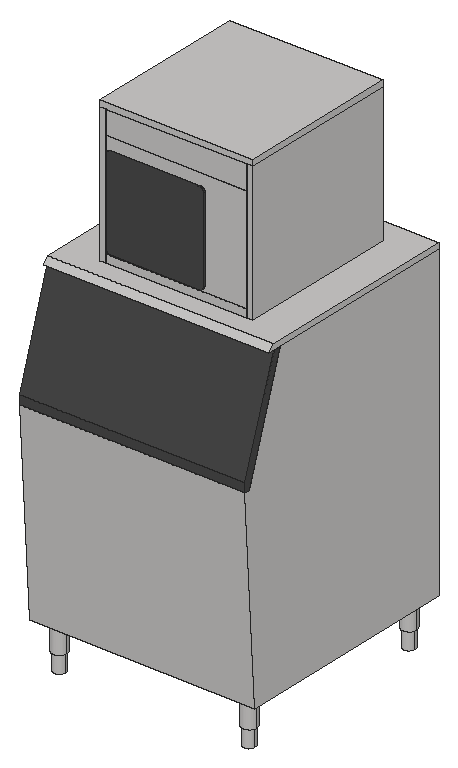
Revit family "QF_ELECTROLUXPROFESSIONAL_730291_IGF211M230SNP", category Attrezzature speciali, Revit 2018
Family settings
  Quota connettore circolare = Usa diametro
  Tipo di parte = Normale
  Basato su piano di lavoro = No
  Sempre verticale = Sì
  Taglio con vuoti quando caricato = No
  Condiviso = No
  Punto di calcolo locali = No
Parameters (values of type "Standard")
  Weight = 52.00 kg
  Watts = 0 W
  Volts = 220 V
  URL Manufacturer = "https://www.electroluxprofessional.com/"
  URL = "https://www.electroluxprofessional.com/"
  Steam Supply Size = 0 mm
  Steam Supply Minimum Pressure = 0.0 Pa
  Steam Supply Maximum Pressure = 0.0 Pa
  Steam Pounds per Hour = 0
  Show Logo [instance] = yes
  Show Clearance [instance] = yes
  Refrigeration Suction Line Size = 0 mm
  Refrigeration Liquid Line Size = 0 mm
  Refrigerant Compressor Remote = yes
  Produttore = "Electrolux Professional"
  Phase = 1
  Modello = "IGF211M230SNP"
  Length Actual = 762 mm  # constant formula
  Item Number = "730291"
  Hot Water Size = 0 mm
  Height Actual = 1751 mm  # constant formula
  HP = "0 HP"
  Gas Size = 0 mm
  Gas KW = 0
  Gas Input Pressure = 0 W
  Descrizione = "AIR COOLED GRANULAR ICE 230KG/24H-BIN 230KG MODULAR"
  Depth Actual = 819 mm  # constant formula
  Cycle = 50 Hz
  Condensate Return Size = 0 mm
  Compressed Air Volume = 0.0 L/s
  Compressed Air Size = 0 mm
  Compressed Air Pressure = 0.0 Pa
  Cold Water Size = 19.05 mm
  Accessory = yes
Reference planes
  plane 1 "Center X": y = 272.851
  plane 2: z = 0
  plane 3 "Center Y": x = -501.5
  plane 4 "TOP": z = 1710
  plane 5: x = -264
  plane 6: z = 1252
  plane 7: z = 1690
  plane 8: z = 1610
  plane 9 "LEFT": x = -882.5
  plane 10 "RIGHT": x = -120.5
  plane 11 "FRONT": y = -136.649
  plane 12 "BACK": y = 682.351
  plane 13: z = 153
  plane 14: z = 825
  plane 15: y = -93.649
  plane 16: z = 1224
  plane 17: y = -35.649
  plane 18: z = 1204
Forms (mm)
  Extrusion 1, solid, material "QF_Finishes_Stainless Steel"
    sketch origin (0, 50.5, 1224) x (1, 0, 0) y (0, 1, 0)
      loop
        line (-759, 547.851) -> (-759, -2.149) -> (-739, -2.149) -> (-739, 547.851) -> (-759, 547.851)
      loop
        line (-264, 547.851) -> (-264, -2.149) -> (-244, -2.149) -> (-244, 547.851) -> (-264, 547.851)
    from 0 to 466
  Extrusion 2, solid, material "QF_Finishes_Stainless Steel"
    sketch origin (0, 50.5, 1224) x (1, 0, 0) y (0, 1, 0)
      loop
        line (-759, 547.851) -> (-759, -2.149) -> (-244, -2.149) -> (-244, 547.851) -> (-759, 547.851)
    from 466 to 486
  Extrusion 3, solid, material "QF_Finishes_Stainless Steel"
    sketch origin (0, 50.5, 1224) x (1, 0, 0) y (0, 1, 0)
      loop
        line (-739, 547.851) -> (-739, -2.149) -> (-264, -2.149) -> (-264, 547.851) -> (-739, 547.851)
    from 0 to 28
  Extrusion 4, solid, material "QF_Finishes_Black"
    sketch origin (-264, 48.351, 1224) x (-1, 0, 0) y (0, 0, -1)
      loop
        arc (457.5, -346) -> (468.107, -341.607) -> (472.5, -331) r 15
        line (472.5, -331) -> (472.5, -46.529)
        arc (472.5, -46.529) -> (468.107, -35.923) -> (457.5, -31.529) r 15
        line (457.5, -31.529) -> (156.771, -31.529)
        arc (156.771, -31.529) -> (146.165, -35.923) -> (141.771, -46.529) r 15
        line (141.771, -46.529) -> (141.771, -331)
        arc (141.771, -331) -> (146.165, -341.607) -> (156.771, -346) r 15
        line (156.771, -346) -> (457.5, -346)
    from 0 to 2
  Extrusion 5, solid, material "QF_Finishes_Stainless Steel"
    sketch origin (0, 50.5, 1582) x (1, 0, 0) y (0, 1, 0)
      loop
        line (-739, 17.851) -> (-739, -2.149) -> (-264, -2.149) -> (-264, 17.851) -> (-739, 17.851)
    from 28 to 108
  Extrusion 6, solid, material "QF_Finishes_Stainless Steel"
    sketch origin (-501.5, 50.5, 1224) x (0, 1, 0) y (0, 0, 1)
      loop
        line (547.851, 28) -> (547.851, 466) -> (17.851, 466) -> (17.851, 386) -> (-2.149, 386) -> (-2.149, 28) -> (547.851, 28)
    from -237.5 to 237.5
  Extrusion 7, solid, material "QF_Finishes_Stainless Steel"
    sketch origin (-530.119, 598.351, 466.153) x (0, 0, -1) y (-1, 0, 0)
      loop
        circle (-808.847, -214.119) r 10
    from 0 to 10
  Extrusion 8, solid, material "QF_Finishes_Stainless Steel"
    sketch origin (-560.119, 598.351, 479.153) x (0, 0, -1) y (-1, 0, 0)
      loop
        circle (-808.847, -214.119) r 10
    from 0 to 10
  Extrusion 9, solid, material "QF_Finishes_Stainless Steel"
    sketch origin (-570.119, 598.351, 454.153) x (0, 0, -1) y (-1, 0, 0)
      loop
        circle (-808.847, -214.119) r 10
    from 0 to 10
  Extrusion 10, solid, material "QF_Finishes_Stainless Steel"
    sketch origin (-501.5, 0, 0) x (0, 1, 0) y (0, 0, 1)
      loop
        line (-93.649, 153) -> (682.351, 153) -> (682.351, 1204) -> (8.276, 1204) -> (-122.224, 825) -> (-136.649, 825) -> (-93.649, 153)
    from -381 to 381
  Extrusion 11, solid, material "QF_Finishes_Black"
    sketch origin (-501.5, 0, 0) x (0, 1, 0) y (0, 0, 1)
      loop
        line (-122.224, 825) -> (8.276, 1204) -> (-16.479, 1204) -> (-136.649, 855) -> (-136.649, 825) -> (-122.224, 825)
    from -381 to 381
  Extrusion 12, solid, material "QF_Finishes_Stainless Steel"
    sketch origin (-501.5, 0, 0) x (0, 1, 0) y (0, 0, 1)
      loop
        line (682.351, 1204) -> (682.351, 1224) -> (-17.149, 1224) -> (-35.649, 1204) -> (682.351, 1204)
    from -381 to 381
  Extrusion 13, solid, material "QF_Finishes_Stainless Steel"
    sketch origin (-412.402, 52.938, 153) x (1, 0, 0) y (0, -1, 0)
      loop
        circle (-89.098, -499.413) r 10
    from 0 to 10
Lines and regions (mm)
  Split face 1
    outline origin (-264, 48.351, 1582) x (-1, 0, 0) y (0, 0, -1)
      loop
        line (111.166, -89.646) -> (111.166, -44.646) -> (36.166, -44.646) -> (36.166, -89.646) -> (111.166, -89.646)
  Split face 2
    outline origin (-264, 48.351, 1582) x (-1, 0, 0) y (0, 0, -1)
      loop
        line (66.801, -84.104) -> (66.801, -49.914) -> (41.176, -49.914) -> (41.176, -84.104) -> (66.801, -84.104)
  symbolic lines
    curve 1: line (-759, 598.351, 0) -> (-244, 598.351, 0)
    curve 2: line (-759, 48.351, 0) -> (-759, 598.351, 0)
    curve 3: line (-244, 48.351, 0) -> (-759, 48.351, 0)
    curve 4: line (-244, 598.351, 0) -> (-244, 48.351, 0)
    curve 5: line (-882.5, 682.351, 0) -> (-120.5, 682.351, 0)
    curve 6: line (-882.5, -136.649, 0) -> (-882.5, 682.351, 0)
    curve 7: line (-120.5, -136.649, 0) -> (-882.5, -136.649, 0)
    curve 8: line (-120.5, 682.351, 0) -> (-120.5, -136.649, 0)
    curve 9: line (-882.5, -35.649, 0) -> (-120.5, -35.649, 0)
    curve 10: line (-882.5, -17.149, 0) -> (-120.5, -17.149, 0)
Dimensions and locks
  Extrusion 3 to plane 2 = 1224 mm
  locked: plane 4 "TOP" to plane 7 at 20
  locked: plane 7 to plane 8 at 80
  equal spacing: plane 9 "LEFT", plane 3 "Center Y", plane 10 "RIGHT"
  plane 9 "LEFT" to plane 10 "RIGHT" = 762 mm
  equal spacing: plane 12 "BACK", plane 1 "Center X", plane 11 "FRONT"
  plane 12 "BACK" to plane 11 "FRONT" = 819 mm
  locked: plane 13 to plane 2 at 153
  plane 14 to plane 13 = 672 mm
  plane 12 "BACK" to plane 15 = 776 mm
  plane 12 "BACK" to plane 17 = 718 mm  (x2)
  aligned and locked: level to plane 2
  aligned and locked: plane 5 to Extrusion 1 sketch curve
  aligned and locked: plane 7 to Extrusion 1
  aligned and locked: Extrusion 2 sketch curve to Extrusion 1  (x4)
  aligned and locked: plane 4 "TOP" to Extrusion 2
  aligned and locked: Extrusion 2 to Extrusion 1
  aligned and locked: Extrusion 3 sketch curve to Extrusion 1  (x4)
  aligned and locked: plane 6 to Extrusion 3
  aligned and locked: Extrusion 6 sketch curve to plane 7
  aligned and locked: plane 6 to Extrusion 6 sketch curve
  aligned and locked: Extrusion 6 sketch curve to plane 8
  aligned and locked: Extrusion 6 sketch curve to Extrusion 5
  aligned and locked: plane 5 to Extrusion 6
  aligned and locked: plane 10 "RIGHT" to Extrusion 10
  aligned and locked: Extrusion 10 to plane 9 "LEFT"
  aligned and locked: plane 10 "RIGHT" to Extrusion 11
  aligned and locked: Extrusion 11 to plane 9 "LEFT"
  aligned and locked: plane 10 "RIGHT" to Extrusion 12
  aligned and locked: Extrusion 12 to plane 9 "LEFT"
Automatic sketch dimensions
  plane 6 to Extrusion 4 sketch curve = 18.529 mm
  plane 3 "Center Y" to Extrusion 4 sketch curve = 95.729 mm
  plane 6 to Extrusion 4 sketch curve = 3.529 mm
  Extrusion 4 sketch curve to Extrusion 4 sketch curve = 15 mm  (x2)
  Extrusion 4 sketch curve to plane 8 = 55 mm
  Extrusion 5 sketch curve to plane 5 = 0 mm
  Split face 1 sketch curve to Extrusion 5 = 36.166 mm
  Split face 1 sketch curve to Extrusion 5 = 16.646 mm
  Split face 1 sketch curve to Split face 1 sketch curve = 75 mm
  Split face 1 sketch curve to Extrusion 5 = 18.354 mm
  Split face 2 sketch curve to Extrusion 5 = 41.176 mm
  Split face 2 sketch curve to Split face 2 sketch curve = 25.625 mm
  Split face 2 sketch curve to Extrusion 5 = 23.896 mm
  Split face 2 sketch curve to Extrusion 5 = 21.914 mm
  Extrusion 6 to Extrusion 7 sketch curve = 23 mm
  Extrusion 6 to Extrusion 7 sketch curve = 52 mm
  Extrusion 6 to Extrusion 8 sketch curve = 36 mm
  Extrusion 6 to Extrusion 8 sketch curve = 82 mm
  Extrusion 6 to Extrusion 9 sketch curve = 11 mm
  Extrusion 6 to Extrusion 9 sketch curve = 92 mm
  Extrusion 10 sketch curve to plane 11 "FRONT" = 0 mm
  Extrusion 10 sketch curve to plane 13 = 0 mm
  Extrusion 10 sketch curve to plane 15 = 0 mm
  Extrusion 10 sketch curve to plane 15 = 28.575 mm
  Extrusion 10 sketch curve to plane 14 = 0 mm
  Extrusion 10 sketch curve to plane 16 = 20 mm
  Extrusion 10 sketch curve to plane 12 "BACK" = 0 mm
  Extrusion 12 sketch curve to plane 17 = 0 mm
  Extrusion 12 sketch curve to plane 12 "BACK" = 0 mm
  Extrusion 12 sketch curve to plane 18 = 0 mm
  Extrusion 12 sketch curve to plane 16 = 0 mm
  Extrusion 11 sketch curve to plane 11 "FRONT" = 0 mm
  Extrusion 11 sketch curve to plane 14 = 0 mm
  Extrusion 11 sketch curve to plane 18 = 0 mm
  Extrusion 11 sketch curve to Extrusion 11 sketch curve = 14.425 mm
  Extrusion 11 sketch curve to Extrusion 11 sketch curve = 30 mm
  curve 6 to plane 9 "LEFT" = 0 mm
  curve 8 to plane 10 "RIGHT" = 0 mm
  curve 7 to plane 11 "FRONT" = 0 mm
  plane 17 to curve 9 = 0 mm
  curve 5 to plane 12 "BACK" = 0 mm
  Extrusion 13 sketch curve to Extrusion 10 = 381 mm
  Extrusion 13 sketch curve to Extrusion 10 = 130 mm
  plane 5 to curve 4 = 20 mm
  Extrusion 1 sketch curve to Extrusion 1 sketch curve = 20 mm  (x2)
  plane 9 "LEFT" to curve 2 = 123.5 mm
  plane 9 "LEFT" to Extrusion 1 sketch curve = 143.5 mm
  plane 9 "LEFT" to Extrusion 4 sketch curve = 161 mm  (x2)
  plane 9 "LEFT" to Extrusion 5 sketch curve = 143.5 mm
  curve 1 to plane 12 "BACK" = 84 mm
  Extrusion 1 sketch curve to plane 12 "BACK" = 84 mm  (x2)
  Extrusion 6 sketch curve to plane 12 "BACK" = 84 mm
  curve 2 to plane 17 = 84 mm
  curve 10 to plane 17 = 18.5 mm
  Extrusion 1 sketch curve to plane 17 = 84 mm  (x2)
  Extrusion 5 sketch curve to plane 17 = 84 mm
  Extrusion 5 sketch curve to Extrusion 5 sketch curve = 20 mm
  Extrusion 6 sketch curve to Extrusion 6 sketch curve = 20 mm
  Extrusion 10 sketch curve to plane 17 = 43.925 mm
  Extrusion 11 sketch curve to plane 17 = 19.17 mm
  Extrusion 11 sketch curve to Extrusion 11 sketch curve = 24.755 mm
  Extrusion 12 sketch curve to plane 17 = 18.5 mm
  radius of Extrusion 7 sketch curve = 10 mm
  radius of Extrusion 8 sketch curve = 10 mm
  radius of Extrusion 9 sketch curve = 10 mm
  radius of Extrusion 13 sketch curve = 10 mm
Nested families
  nested 1: "Foot_Complete" at (-822.5, -43.649, 0), type "Foot_Complete"
  nested 2: "Foot_Complete" at (-180.5, -43.649, 0) x (-1, 0, 0) z (0, 0, 1), type "Foot_Complete"
  nested 3: "Foot_Complete" at (-822.5, 632.351, 0), type "Foot_Complete"
  nested 4: "Foot_Complete" at (-180.5, 632.351, 0) x (-1, 0, 0) z (0, 0, 1), type "Foot_Complete"
Connectors
  electrical at (-346, 608.351, 1288), driven by "Volts"
    settings: on Extrusion 8, index 1, voltage 220 V, apparent load 0 VA, apparent load phase1 0 VA, apparent load phase2 0 VA, apparent load phase3 0 VA, power factor 1, load classification "Altro", number of poles 1, system type 30, power factor state 1, is connector primary yes, connector utility no, sub classification motor no, connector description "Electrical Connection"
  piping at (-316, 608.351, 1275), diameter 20
    settings: on Extrusion 7, index 2, connector inside diameter 609.6 mm, connector length 0 mm, flow factor 0, pipe flow 0.0 L/s, pressure drop 0.0 Pa, fitting loss kfactor 0, connector angle 0.00°, fixture units 0, engagement length 0 mm, angle of deflection 0.00°, flow configuration 0, flow direction 0, fitting loss method 0, system type 20, joint type 0, gender type 0, connector reference index -1, connector utility 0, adjustable connector no, is connector primary yes, connector description "Cold water"
  piping at (-356, 608.351, 1263), diameter 20
    settings: on Extrusion 9, index 3, connector inside diameter 609.6 mm, connector length 0 mm, flow factor 0, pipe flow 0.0 L/s, pressure drop 0.0 Pa, fitting loss kfactor 0, connector angle 0.00°, fixture units 0, engagement length 0 mm, angle of deflection 0.00°, flow configuration 0, flow direction 0, fitting loss method 0, system type 16, joint type 0, gender type 0, connector reference index -1, connector utility 0, adjustable connector no, is connector primary no, connector description "Drain"
  piping at (-501.5, 552.351, 143), diameter 20
    settings: on Extrusion 13, index 4, connector inside diameter 609.6 mm, connector length 0 mm, flow factor 0, pipe flow 0.0 L/s, pressure drop 0.0 Pa, fitting loss kfactor 0, connector angle 0.00°, fixture units 0, engagement length 0 mm, angle of deflection 0.00°, flow configuration 0, flow direction 0, fitting loss method 0, system type 16, joint type 0, gender type 0, connector reference index -1, connector utility 0, adjustable connector no, is connector primary no, connector description "Drain"
Definition of nested family "Foot_Complete"
  Parameters (values of type "Foot_Complete")
    R = 25 mm
    H = 153 mm
  Reference planes
    plane 1 "Centro (Fronte/Retro)": y = 0
    plane 2: z = 0
    plane 3 "Centro (Sinistra/Destra)": x = 0
    plane 4: z = 153
  Forms (mm)
    Revolve 1, solid
      sketch origin (255.05, 0, 608.09) x (0, 0, 1) y (-1, 0, 0)
        loop
          line (-608.09, 255.05) -> (-608.09, 235.05) -> (-548.09, 235.05) -> (-548.09, 230.05) -> (-455.09, 230.05) -> (-455.09, 255.05) -> (-608.09, 255.05)
        axis (-608.09, 255.05) -> (-455.09, 255.05)
      angle from 0 to 360
  Dimensions and locks
    level to Revolve 1 sketch curve = 60 mm
    "R": Revolve 1 sketch curve to plane 3 "Centro (Sinistra/Destra)"
    "H": plane 4 to level
    aligned and locked: level to plane 2
    aligned and locked: plane 4 to Revolve 1 sketch curve
    aligned and locked: Revolve 1 sketch curve to level
    aligned and locked: plane 3 "Centro (Sinistra/Destra)" to Revolve 1 sketch curve
  Automatic sketch dimensions
    Revolve 1 sketch curve to plane 3 "Centro (Sinistra/Destra)" = 0 mm
    plane 3 "Centro (Sinistra/Destra)" to Revolve 1 sketch curve = 20 mm
    Revolve 1 sketch curve to Revolve 1 sketch curve = 50 mm
    Revolve 1 sketch curve to Revolve 1 sketch curve = 20 mm
